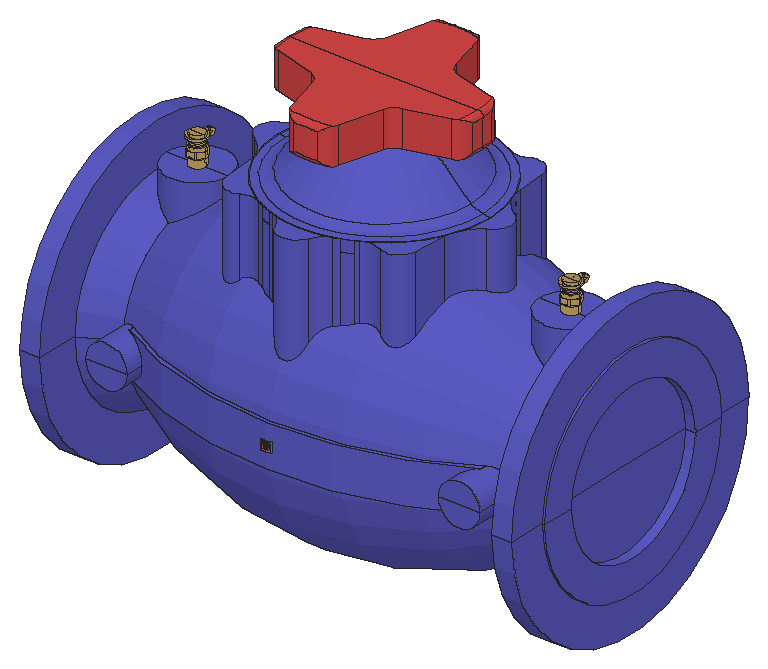
Revit family "Strangregulierventil für Differenzdruckmessung, Geradsitzform 4218 GMF", category Rohrzubehör, Revit 2019
Family settings
  Bemaßung runder Anschluss = Durchmesser verwenden
  Teiletyp = Unterbricht
  OmniClass-Nummer = 23.65.55.14
  OmniClass-Titel = Valves for Liquid Services
  Arbeitsebenenbasiert = Nein
  Immer vertikal = Ja
  Beim Laden mit Abzugskörper schneiden = Nein
  Gemeinsam genutzt = Nein
Parameters
  kvs-Wert [instance] = if(Nennweite = 25.00 mm, 11.53, if(Nennweite = 32.00 mm, 16.6, if(Nennweite = 40.00 mm, 28.6, if(Nennweite = 50.00 mm, 37.84, if(Nennweite = 65.00 mm, 60.3, if(Nennweite = 80.00 mm, 67.8, if(Nennweite = 100.00 mm, 99.55, if(Nennweite = 125.00 mm, 186.58, if(Nennweite = 150.00 mm, 279.05, 0)))))))))  # 279.05
  W02 = 60.00°  # constant formula
  W01 [instance] = if(Nennweite = 25.00 mm, 10.00°, if(Nennweite = 32.00 mm, 10.00°, if(Nennweite = 40.00 mm, 15.00°, if(Nennweite = 50.00 mm, 10.00°, if(Nennweite = 65.00 mm, 25.00°, if(Nennweite = 80.00 mm, 25.00°, 0.80°))))))  # 0.80°
  Ventiloberteil (bis DN100) = "Messing"  # constant formula
  Ventiloberteil (ab DN125) = "Grauguss"  # constant formula
  Ventilgehäuse = "Grauguss GJL 250 nach EN 1561"  # constant formula
  URL = "www.herz-armaturen.at"
  SCRNSEQ = "ARM;ARM_TYP=\"STRV\";2"
  SCRNCODE = "05;07;02"  # constant formula
  S01 [instance] = Nennweite + 10.00 mm  # 160.00 mm
  R02 [instance] = size_lookup("4218_GMF_", "R2", 1.00 mm, Nennweite)  # 30.00 mm
  R01 [instance] = size_lookup("4218_GMF_", "R1", 1.00 mm, Nennweite)  # 20.00 mm
  O-Ringe = "EPDM"  # constant formula
  Nennweite [instance] = 150.00 mm
  Medium = "Heizwasserqualität entsprechend ÖNORM H 5195 bzw. VDI Richtlinie 2035.\r\nEthylen und Propylenglykol können in einem Verhältnis von 25-50 vol. [%] gemischt werden."
  Max. Betriebstemperatur (bis DN32) = 130 °C  # constant formula
  Max. Betriebstemperatur (ab DN40) = 110 °C  # constant formula
  Max. Betriebsdruck = 1600000.0 Pa  # constant formula
  L03 [instance] = size_lookup("4218_GMF_", "L3", 1.00 mm, Nennweite)  # 180.00 mm
  L02 [instance] = size_lookup("4218_GMF_", "L2", 1.00 mm, Nennweite)  # 170.00 mm
  L01 [instance] = size_lookup("4218_GMF_", "L1", 1.00 mm, Nennweite)  # 185.00 mm
  L00 [instance] = size_lookup("4218_GMF_", "L", 1.00 mm, Nennweite)  # 480.00 mm
  Hersteller = "HERZ Armaturen Ges.m.b.H."  # constant formula
  H08 [instance] = H02 + H04  # 238.50 mm
  H07 = 10.00 mm  # constant formula
  H06 [instance] = size_lookup("4218_GMF_", "H6", 1.00 mm, Nennweite)  # 56.00 mm
  H05 [instance] = size_lookup("4218_GMF_", "H5", 1.00 mm, Nennweite)  # 11.00 mm
  H04 [instance] = size_lookup("4218_GMF_", "H4", 1.00 mm, Nennweite)  # 78.50 mm
  H03 [instance] = size_lookup("4218_GMF_", "H3", 1.00 mm, Nennweite)  # 118.00 mm
  H02N [instance] = H02 + 11.00 mm  # 171.00 mm
  H02 [instance] = size_lookup("4218_GMF_", "H2", 1.00 mm, Nennweite)  # 160.00 mm
  H01 [instance] = size_lookup("4218_GMF_", "H1", 1.00 mm, Nennweite)  # 122.00 mm
  GT = 10.00 mm  # constant formula
  FLL02 [instance] = size_lookup("4218_GMF_", "FLL2", 1.00 mm, Nennweite)  # 19.00 mm
  FLL01 [instance] = size_lookup("4218_GMF_", "FLL1", 1.00 mm, Nennweite)  # 3.00 mm
  FLD03 [instance] = size_lookup("4218_GMF_", "FLD3", 1.00 mm, Nennweite)  # 84.20 mm
  FLD02 [instance] = size_lookup("4218_GMF_", "FLD2", 1.00 mm, Nennweite)  # 101.00 mm
  FLD01 [instance] = size_lookup("4218_GMF_", "FLD1", 1.00 mm, Nennweite)  # 106.00 mm
  FLD00 [instance] = size_lookup("4218_GMF_", "FLD", 1.00 mm, Nennweite)  # 142.50 mm
  Differenzdruckmessnung = "Das STRÖMAX-GMF Strangregulierventil ist mit zwei Schnellmessventilen ausgestattet:\r\nBei Verwendung eines geeigneten Messgerätes kann der Differenzdruck gemessen und dadurch die jeweilige Durchflussmenge in Abhängigkeit der Einstellstufe ermittelt werden.\r\nAn den HERZ-Messcomputern ist außerdem direkt die jeweilige Durchflussmenge ablesbar (siehe Gerätehandbuch)."
  DN80 [instance] = Nennweite = 80.00 mm  # no
  DN65 [instance] = Nennweite = 65.00 mm  # no
  DN50-DN80 [instance] = or(Nennweite = 50.00 mm, Nennweite = 65.00 mm, Nennweite = 80.00 mm)  # no
  DN50 [instance] = Nennweite = 50.00 mm  # no
  DN40 [instance] = Nennweite = 40.00 mm  # no
  DN32 [instance] = Nennweite = 32.00 mm  # no
  DN25-DN40 [instance] = or(Nennweite = 25.00 mm, Nennweite = 32.00 mm, Nennweite = 40.00 mm)  # no
  DN25 [instance] = Nennweite = 25.00 mm  # no
  DN150 [instance] = Nennweite = 150.00 mm  # yes
  DN125 [instance] = Nennweite = 125.00 mm  # no
  DN100-DN125 [instance] = or(Nennweite = 100.00 mm, Nennweite = 125.00 mm, Nennweite = 150.00 mm)  # yes
  DN100 [instance] = Nennweite = 100.00 mm  # no
  D04 [instance] = size_lookup("4218_GMF_", "D4", 1.00 mm, Nennweite)  # 15.00 mm
  D03 [instance] = size_lookup("4218_GMF_", "D3", 1.00 mm, Nennweite)  # 16.00 mm
  D02 [instance] = size_lookup("4218_GMF_", "D2", 1.00 mm, Nennweite)  # 17.00 mm
  D01 [instance] = size_lookup("4218_GMF_", "D1", 1.00 mm, Nennweite)  # 102.50 mm
  D00 [instance] = size_lookup("4218_GMF_", "D", 1.00 mm, Nennweite)  # 140.00 mm
  Bestellnummer [instance] = size_lookup("4218_GMF_", "Artnr", 0, Nennweite)  # 1421851
  BH02 [instance] = -BH01  # -20.00 mm
  BH01 [instance] = if(Nennweite = 25.00 mm, 12.00 mm, if(Nennweite = 32.00 mm, 12.50 mm, if(Nennweite = 40.00 mm, 12.50 mm, if(Nennweite = 50.00 mm, 12.50 mm, if(Nennweite = 65.00 mm, 15.00 mm, if(Nennweite = 80.00 mm, 16.00 mm, if(Nennweite = 100.00 mm, 17.50 mm, if(Nennweite = 125.00 mm, 17.50 mm, if(Nennweite = 150.00 mm, 20.00 mm, 1.00 mm)))))))))  # 20.00 mm
  Ausführung = "Geradsitzform, Gehäuse Grauguss GJL 250 nach EN 1561, Flansche nach EN 1092, PN 16; blau lackiert.\r\nMessing Oberteil bis DN 100 geschraubt, ab DN 125 Ventiloberteil Grauguss mit nicht steigender Spindel, Spindelabdichtung durch Doppel-O-Ring.\r\nVoreinstellung durch Hubbegrenzung mittels Innenspindel, digitale Anzeige der Voreinstellstufe im Handradfenster.\r\nZwei Schnellmessventile sind neben dem Handrad montiert."
  Anwendungen = "Zum hydraulischen Abgleich in Heiz- oder Kühlanlagen, Einregulieren und Absperren von Verteilleitungen, Strängen, Wärmetauschern, Heiz- und Kühlregistern."
  Anschluss [instance] = Nennweite / 2  # 75.00 mm
Reference planes
  plane 1 "Mitte (Vorne/hinten)": y = 0
  plane 2: z = 0
  plane 3 "Mitte (Links/rechts)": x = 0
Forms (mm)
  Revolve 1, solid, material "Herz-Marineblau", detail levels fine
    sketch origin (1058.943, 0, 0) x (1, 0, 0) y (0, 1, 0)
      loop
        line (-1295.943, 142.5) -> (-1295.943, 106) -> (-1298.943, 106) -> (-1298.943, 75) -> (-1288.943, 75) -> (-1288.943, 0) -> (-828.943, 0) -> (-828.943, 75) -> (-818.943, 75) -> (-818.943, 106) -> (-821.943, 106) -> (-821.943, 142.5) -> (-840.943, 142.5) -> (-840.943, 101) -> (-873.943, 84.2)
        arc (-873.943, 84.2) -> (-1058.943, 140) -> (-1243.943, 84.2) r 334.576
        line (-1243.943, 84.2) -> (-1276.943, 101) -> (-1276.943, 142.5) -> (-1295.943, 142.5)
      axis (-1298.943, 0) -> (-818.943, 0)
    angle from 0 to 360
  Revolve 2, solid, material "Herz-Marineblau", detail levels fine
    sketch origin (0, 0, 0) x (1, 0, 0) y (0, 1, 0)
      loop
        line (-170, 122) -> (-190, 122) -> (-190, -122) -> (-170, -122) -> (-170, 122)
      axis (-170, 122) -> (-170, -122)
    angle from 0 to 360
  Revolve 3, solid, material "Herz-Marineblau", detail levels fine
    sketch origin (0, 0, 0) x (-1, 0, 0) y (0, 1, 0)
      loop
        line (-170, 122) -> (-190, 122) -> (-190, -122) -> (-170, -122) -> (-170, 122)
      axis (-170, 122) -> (-170, -122)
    angle from 0 to 360
  Revolve 4, solid, material "Herz-Marineblau", detail levels fine
    sketch origin (0, 0, 0) x (1, 0, 0) y (0, 0, 1)
      loop
        line (0, 0) -> (0, 160) -> (-102.5, 160) -> (-102.5, 0) -> (0, 0)
      axis (0, 160) -> (0, 0)
    angle from 0 to 360
  Revolve 5, solid, material "Herz-Marineblau", detail levels fine
    sketch origin (0, 0, 0) x (1, 0, 0) y (0, 0, 1)
      loop
        line (-178.413, 4.322) -> (-148.416, 4.741) -> (-150.003, 118.419) -> (-180, 118) -> (-178.413, 4.322)
      axis (-180, 118) -> (-178.413, 4.322)
    angle from 0 to 360
  Revolve 6, solid, material "Herz-Marineblau", detail levels fine
    sketch origin (0, 0, 0) x (-1, 0, 0) y (0, 0, 1)
      loop
        line (-178.413, 4.322) -> (-148.416, 4.741) -> (-150.003, 118.419) -> (-180, 118) -> (-178.413, 4.322)
      axis (-180, 118) -> (-178.413, 4.322)
    angle from 0 to 360
  Extrusion 7, solid, material "Herz-Marineblau", visible <- "DN25", detail levels fine
    sketch origin (0, 0, 0) x (1, 0, 0) y (0, 1, 0)
      loop
        line (-40, 18.232) -> (-40, -18.232)
        arc (-40, -18.232) -> (0, -31) -> (40, -18.232) r 69.038
        line (40, -18.232) -> (40, 18.232)
        arc (40, 18.232) -> (0, 31) -> (-40, 18.232) r 69.038
    from -20 <- "BH02" to 20 <- "BH01"
  Extrusion 8, solid, material "Herz-Marineblau", visible <- "DN32", detail levels fine
    sketch origin (0, 0, 0) x (1, 0, 0) y (0, 1, 0)
      loop
        line (-50, 21.35) -> (-50, -21.35)
        arc (-50, -21.35) -> (0, -37) -> (50, -21.35) r 87.698
        line (50, -21.35) -> (50, 21.35)
        arc (50, 21.35) -> (0, 37) -> (-50, 21.35) r 87.698
    from -20 <- "BH02" to 20 <- "BH01"
  Extrusion 9, solid, material "Herz-Marineblau", visible <- "DN40", detail levels fine
    sketch origin (0, 0, 0) x (1, 0, 0) y (0, 1, 0)
      loop
        arc (-60, -22.89) -> (0, -39) -> (60, -22.89) r 119.787
        line (60, -22.89) -> (60, 22.89)
        arc (60, 22.89) -> (0, 39) -> (-60, 22.89) r 119.787
        line (-60, 22.89) -> (-60, -22.89)
    from -20 <- "BH02" to 20 <- "BH01"
  Extrusion 10, solid, material "Herz-Marineblau", visible <- "DN50", detail levels fine
    sketch origin (0, 0, 0) x (1, 0, 0) y (0, 1, 0)
      loop
        line (70, -31.244) -> (70, 31.244)
        arc (70, 31.244) -> (0, 44) -> (-70, 31.244) r 198.442
        line (-70, 31.244) -> (-70, -31.244)
        arc (-70, -31.244) -> (0, -44) -> (70, -31.244) r 198.442
    from -20 <- "BH02" to 20 <- "BH01"
  Extrusion 11, solid, material "Herz-Marineblau", visible <- "DN65", detail levels fine
    sketch origin (0, 0, 0) x (1, 0, 0) y (0, 1, 0)
      loop
        line (-89, 42.065) -> (-89, -42.065)
        arc (-89, -42.065) -> (0, -53) -> (89, -42.065) r 367.662
        line (89, -42.065) -> (89, 42.065)
        arc (89, 42.065) -> (0, 53) -> (-89, 42.065) r 367.662
    from -20 <- "BH02" to 20 <- "BH01"
  Extrusion 12, solid, material "Herz-Marineblau", visible <- "DN80", detail levels fine
    sketch origin (0, 0, 0) x (1, 0, 0) y (0, 1, 0)
      loop
        arc (-100, -47.474) -> (0, -56.538) -> (100, -47.474) r 556.156
        line (100, -47.474) -> (100, 47.474)
        arc (100, 47.474) -> (0, 56.538) -> (-100, 47.474) r 556.156
        line (-100, 47.474) -> (-100, -47.474)
    from -20 <- "BH02" to 20 <- "BH01"
  Extrusion 13, solid, material "Herz-Marineblau", visible <- "DN100", detail levels fine
    sketch origin (0, 0, 0) x (1, 0, 0) y (0, 1, 0)
      loop
        line (-118, 61.457) -> (-118, -61.457)
        arc (-118, -61.457) -> (0, -84.506) -> (118, -61.457) r 313.571
        line (118, -61.457) -> (118, 61.457)
        arc (118, 61.457) -> (0, 84.506) -> (-118, 61.457) r 313.571
    from -20 <- "BH02" to 20 <- "BH01"
  Extrusion 14, solid, material "Herz-Marineblau", visible <- "DN125", detail levels fine
    sketch origin (0, 0, 0) x (1, 0, 0) y (0, 1, 0)
      loop
        line (-140, 76.087) -> (-140, -76.087)
        arc (-140, -76.087) -> (0, -121.009) -> (140, -76.087) r 240.621
        line (140, -76.087) -> (140, 76.087)
        arc (140, 76.087) -> (0, 121.009) -> (-140, 76.087) r 240.621
    from -20 <- "BH02" to 20 <- "BH01"
  Extrusion 15, solid, material "Herz-Marineblau", visible <- "DN150", detail levels fine
    sketch origin (0, 0, 0) x (1, 0, 0) y (0, 1, 0)
      loop
        arc (-170, -95.905) -> (0, -141.967) -> (170, -95.905) r 336.739
        line (170, -95.905) -> (170, 95.905)
        arc (170, 95.905) -> (0, 141.967) -> (-170, 95.905) r 336.739
        line (-170, 95.905) -> (-170, -95.905)
    from -20 <- "BH02" to 20 <- "BH01"
  Extrusion 16, solid, material "Herz-Marineblau", visible <- "DN125", detail levels fine
    sketch origin (0, 0, 0) x (1, 0, 0) y (0, 1, 0)
      loop
        arc (15.676, 98.149) -> (0, 109.5) -> (-15.676, 98.149) r 16.5
        arc (-15.676, 98.149) -> (-20.502, 90.282) -> (-28.346, 85.419) r 20
        arc (-28.346, 85.419) -> (-34.369, 83.168) -> (-40.215, 80.492) r 90
        arc (-40.215, 80.492) -> (-49.468, 78.32) -> (-58.678, 80.663) r 20
        arc (-58.678, 80.663) -> (-75.166, 79.318) -> (-82.2, 64.344) r 16.5
        line (-82.2, 64.344) -> (-85.23, 28.819)
        arc (-85.23, 28.819) -> (-90.21, 20.539) -> (-98.49, 15.56) r 20
        arc (-98.49, 15.56) -> (-109.5, 0) -> (-98.49, -15.56) r 16.5
        arc (-98.49, -15.56) -> (-90.21, -20.539) -> (-85.23, -28.819) r 20
        line (-85.23, -28.819) -> (-82.2, -64.344)
        arc (-82.2, -64.344) -> (-75.166, -79.318) -> (-58.678, -80.663) r 16.5
        arc (-58.678, -80.663) -> (-49.468, -78.32) -> (-40.215, -80.492) r 20
        arc (-40.215, -80.492) -> (-34.369, -83.168) -> (-28.346, -85.419) r 90
        arc (-28.346, -85.419) -> (-20.502, -90.282) -> (-15.676, -98.149) r 20
        arc (-15.676, -98.149) -> (0, -109.5) -> (15.676, -98.149) r 16.5
        arc (15.676, -98.149) -> (20.502, -90.282) -> (28.346, -85.419) r 20
        arc (28.346, -85.419) -> (34.369, -83.168) -> (40.215, -80.492) r 90
        arc (40.215, -80.492) -> (49.468, -78.32) -> (58.678, -80.663) r 20
        arc (58.678, -80.663) -> (75.166, -79.318) -> (82.2, -64.344) r 16.5
        line (82.2, -64.344) -> (85.23, -28.819)
        arc (85.23, -28.819) -> (90.21, -20.539) -> (98.49, -15.56) r 20
        arc (98.49, -15.56) -> (109.5, 0) -> (98.49, 15.56) r 16.5
        arc (98.49, 15.56) -> (90.21, 20.539) -> (85.23, 28.819) r 20
        line (85.23, 28.819) -> (82.2, 64.344)
        arc (82.2, 64.344) -> (75.166, 79.318) -> (58.678, 80.663) r 16.5
        arc (58.678, 80.663) -> (49.468, 78.32) -> (40.215, 80.492) r 20
        arc (40.215, 80.492) -> (34.369, 83.168) -> (28.346, 85.419) r 90
        arc (28.346, 85.419) -> (20.502, 90.282) -> (15.676, 98.149) r 20
    from 0 to 171 <- "H02N"
  Extrusion 17, solid, material "Herz-Marineblau", visible <- "DN150", detail levels fine
    sketch origin (0, 0, 0) x (1, 0, 0) y (0, 1, 0)
      loop
        arc (16.1, 110.958) -> (0, 122.5) -> (-16.1, 110.958) r 17
        arc (-16.1, 110.958) -> (-21.16, 102.981) -> (-29.318, 98.218) r 19.995
        arc (-29.318, 98.218) -> (-39.225, 94.698) -> (-48.72, 90.181) r 102.5
        arc (-48.72, 90.181) -> (-57.856, 87.781) -> (-67.075, 89.844) r 19.995
        arc (-67.075, 89.844) -> (-82.996, 89.381) -> (-91.547, 75.943) r 17
        line (-91.547, 75.943) -> (-94.4, 39.936)
        arc (-94.4, 39.936) -> (-101.42, 25.402) -> (-113.679, 14.903) r 39.4
        arc (-113.679, 14.903) -> (-122.5, 0) -> (-113.679, -14.903) r 17
        arc (-113.679, -14.903) -> (-101.42, -25.402) -> (-94.4, -39.936) r 39.4
        line (-94.4, -39.936) -> (-91.547, -75.943)
        arc (-91.547, -75.943) -> (-82.996, -89.381) -> (-67.075, -89.844) r 17
        arc (-67.075, -89.844) -> (-57.856, -87.781) -> (-48.72, -90.181) r 19.995
        arc (-48.72, -90.181) -> (-39.225, -94.698) -> (-29.318, -98.218) r 102.5
        arc (-29.318, -98.218) -> (-21.16, -102.981) -> (-16.1, -110.958) r 19.995
        arc (-16.1, -110.958) -> (0, -122.5) -> (16.1, -110.958) r 17
        arc (16.1, -110.958) -> (21.16, -102.981) -> (29.318, -98.218) r 19.995
        arc (29.318, -98.218) -> (39.225, -94.698) -> (48.72, -90.181) r 102.5
        arc (48.72, -90.181) -> (57.856, -87.781) -> (67.075, -89.844) r 19.995
        arc (67.075, -89.844) -> (82.996, -89.381) -> (91.547, -75.943) r 17
        line (91.547, -75.943) -> (93.96, -45.484)
        arc (93.96, -45.484) -> (99.132, -28.867) -> (110.958, -16.1) r 39.4
        arc (110.958, -16.1) -> (122.5, 0) -> (110.958, 16.1) r 17
        arc (110.958, 16.1) -> (99.132, 28.867) -> (93.96, 45.484) r 39.4
        line (93.96, 45.484) -> (91.547, 75.943)
        arc (91.547, 75.943) -> (82.996, 89.381) -> (67.075, 89.844) r 17
        arc (67.075, 89.844) -> (57.856, 87.781) -> (48.72, 90.181) r 19.995
        arc (48.72, 90.181) -> (39.225, 94.698) -> (29.318, 98.218) r 102.5
        arc (29.318, 98.218) -> (21.16, 102.981) -> (16.1, 110.958) r 19.995
    from 0 to 171 <- "H02N"
  Revolve 18, solid, material "Herz-Marineblau", detail levels fine
    sketch origin (0, 0, 0) x (1, 0, 0) y (0, 0, 1)
      loop
        line (0, 160) -> (0, 238.5) -> (-15, 238.5) -> (-15, 228.5) -> (-16, 228.5) -> (-16, 227) -> (-17, 227) -> (-17, 171) -> (-102.5, 171) -> (-102.5, 160) -> (0, 160)
      axis (0, 238.5) -> (0, 160)
    angle from 0 to 360
  Revolve 19, solid, material "Herz-Marineblau", visible <- "DN125", detail levels fine
    sketch origin (0, 0, 143) x (1, 0, 0) y (0, 0, 1)
      loop
        line (0, 0) -> (0, 62) -> (-15, 62) -> (-15, 52) -> (-21.8, 52)
        arc (-21.8, 52) -> (-23.44, 48.297) -> (-27.284, 47.023) r 5
        arc (-27.284, 47.023) -> (-30.294, 46.63) -> (-32.827, 44.959) r 6.752
        arc (-32.827, 44.959) -> (-52.854, 27.042) -> (-71.197, 7.406) r 300
        arc (-71.197, 7.406) -> (-77.249, 2.612) -> (-84.666, 0.467) r 20
        line (-84.666, 0.467) -> (-90, 0) -> (0, 0)
      axis (0, 62) -> (0, 0)
    angle from 0 to 360
  Revolve 20, solid, material "Herz-Marineblau", visible <- "DN150", detail levels fine
    sketch origin (0, 0, 171) x (1, 0, 0) y (0, 0, 1)
      loop
        line (0, 67.5) -> (-15, 67.5) -> (-15, 57.5) -> (-21.8, 57.5)
        arc (-21.8, 57.5) -> (-23.44, 53.797) -> (-27.284, 52.523) r 5
        arc (-27.284, 52.523) -> (-29.026, 52.21) -> (-30.549, 51.31) r 5
        arc (-30.549, 51.31) -> (-58.499, 29.932) -> (-83.754, 5.428) r 300
        arc (-83.754, 5.428) -> (-89.037, 2.148) -> (-95.072, 0.65) r 20
        line (-95.072, 0.65) -> (-102.5, 0) -> (0, 0) -> (0, 67.5)
      axis (0, 67.5) -> (0, 0)
    angle from 0 to 360
Lines and regions (mm)
  model lines, detail levels coarse+medium
    curve 1: line (-240, 0, 142.5) -> (-240, 0, -142.5)
    curve 2: line (-240, 0, -142.5) -> (240, 0, 142.5)
    curve 3: line (240, 0, 142.5) -> (240, 0, -142.5)
    curve 4: line (240, 0, -142.5) -> (-240, 0, 142.5)
    curve 5: line (0, 0, 0) -> (137.698, 0, 238.5)
    curve 6: line (68.416, 0, 278.5) -> (206.98, 0, 198.5)
    curve 7: line (-240, 142.5, 0) -> (-240, -142.5, 0)
    curve 8: line (-240, -142.5, 0) -> (240, 142.5, 0)
    curve 9: line (240, 142.5, 0) -> (240, -142.5, 0)
    curve 10: line (240, -142.5, 0) -> (-240, 142.5, 0)
    curve 11: line (0, 0, 0) -> (137.698, 238.5, 0)
    curve 12: line (68.416, 278.5, 0) -> (206.98, 198.5, 0)
Dimensions and locks
  "FLD00": plane 1 "Mitte (Vorne/hinten)" to Revolve 1 sketch curve
  "FLD01": plane 1 "Mitte (Vorne/hinten)" to Revolve 1 sketch curve
  "FLD02": plane 1 "Mitte (Vorne/hinten)" to Revolve 1 sketch curve  (x2)
  "FLD03": plane 1 "Mitte (Vorne/hinten)" to Revolve 1 sketch curve  (x2)
  "GT": Revolve 1 sketch curve to Revolve 1 sketch curve  (x2)
  "FLL01": Revolve 1 sketch curve to Revolve 1 sketch curve  (x2)
  "FLL02": Revolve 1 sketch curve to Revolve 1 sketch curve  (x2)
  equal spacing: Revolve 1 sketch curve, plane 3 "Mitte (Links/rechts)", Revolve 1 sketch curve
  "Anschluss": Revolve 1 sketch curve to plane 1 "Mitte (Vorne/hinten)"
  "Anschluss": plane 1 "Mitte (Vorne/hinten)" to Revolve 1 sketch curve
  "FLD01": Revolve 1 sketch curve to plane 1 "Mitte (Vorne/hinten)"
  "FLD00": Revolve 1 sketch curve to plane 1 "Mitte (Vorne/hinten)"
  "L00": Revolve 1 sketch curve to Revolve 1 sketch curve
  "D00": plane 1 "Mitte (Vorne/hinten)" to Revolve 1 sketch curve
  "L01": Revolve 1 sketch curve to plane 3 "Mitte (Links/rechts)" to Revolve 1 sketch curve
  "L02": Revolve 2 sketch curve to plane 3 "Mitte (Links/rechts)"
  "R01": Revolve 2 sketch curve to Revolve 2 sketch curve
  "H01": Revolve 2 sketch curve to plane 1 "Mitte (Vorne/hinten)" to Revolve 2 sketch curve
  "L02": plane 3 "Mitte (Links/rechts)" to Revolve 3 sketch curve
  "R01": Revolve 3 sketch curve to Revolve 3 sketch curve
  "H01": Revolve 3 sketch curve to plane 1 "Mitte (Vorne/hinten)" to Revolve 3 sketch curve
  "D01": plane 3 "Mitte (Links/rechts)" to Revolve 4 sketch curve
  "H02": Revolve 4 sketch curve to plane 2
  "H03": Revolve 5 sketch curve to plane 2  (x2)
  "R02": Revolve 5 sketch curve to Revolve 5 sketch curve
  "L03": plane 3 "Mitte (Links/rechts)" to Revolve 5 sketch curve  (x2)
  "R02": Revolve 6 sketch curve to Revolve 6 sketch curve
  "L03": Revolve 6 sketch curve to plane 3 "Mitte (Links/rechts)"  (x2)
  "H03": Revolve 6 sketch curve to plane 2  (x2)
  "D01": plane 3 "Mitte (Links/rechts)" to Revolve 18 sketch curve
  "D02": plane 3 "Mitte (Links/rechts)" to Revolve 18 sketch curve
  "D03": plane 3 "Mitte (Links/rechts)" to Revolve 18 sketch curve
  "D04": plane 3 "Mitte (Links/rechts)" to Revolve 18 sketch curve
  "H02": Revolve 18 sketch curve to plane 2
  "H04": Revolve 18 sketch curve to Revolve 18 sketch curve
  "H05": Revolve 18 sketch curve to Revolve 18 sketch curve
  "H06": Revolve 18 sketch curve to Revolve 18 sketch curve
  "H07": Revolve 18 sketch curve to Revolve 18 sketch curve
  "H08": nested 28 to plane 2
  "H08": nested 29 to plane 2
  "H08": nested 30 to plane 2
  "FLD00": curve 4 to plane 2 to curve 2
  "FLD00": curve 3 to plane 2 to curve 4
  equal spacing: curve 1, plane 3 "Mitte (Links/rechts)", curve 3
  "L00": curve 1 to curve 3
  equal spacing: curve 1, curve 5, curve 3
  "H08": curve 5 to plane 2
  equal spacing: curve 6, curve 5, curve 6
  "S01": curve 6 to curve 6
  "FLD00": curve 8 to plane 1 "Mitte (Vorne/hinten)" to curve 10
  "FLD00": curve 10 to plane 1 "Mitte (Vorne/hinten)" to curve 9
  equal spacing: curve 7, plane 3 "Mitte (Links/rechts)", curve 9
  "L00": curve 7 to curve 9
  equal spacing: curve 7, curve 11, curve 9
  "H08": plane 1 "Mitte (Vorne/hinten)" to curve 11
  equal spacing: curve 12, curve 11, curve 12
  "S01": curve 12 to curve 12
  "W01": angle plane 3 "Mitte (Links/rechts)" to Revolve 5 sketch curve  (x2)
  "W01": angle Revolve 6 sketch curve to plane 3 "Mitte (Links/rechts)"  (x2)
  "W02": angle plane 2 to curve 5
  "W02": angle plane 1 "Mitte (Vorne/hinten)" to curve 11
  aligned and locked: level to plane 2
Automatic sketch dimensions
  Extrusion 7 sketch curve to plane 3 "Mitte (Links/rechts)" = 0.00 mm  (x2)
  Extrusion 7 sketch curve to plane 1 "Mitte (Vorne/hinten)" = 18.232 mm  (x2)
  Extrusion 7 sketch curve to plane 3 "Mitte (Links/rechts)" = 40.00 mm
  plane 1 "Mitte (Vorne/hinten)" to Extrusion 7 sketch curve = 18.232 mm
  plane 1 "Mitte (Vorne/hinten)" to Extrusion 7 sketch curve = 38.038 mm
  Extrusion 7 sketch curve to plane 1 "Mitte (Vorne/hinten)" = 38.038 mm
  Extrusion 8 sketch curve to plane 3 "Mitte (Links/rechts)" = 0.00 mm  (x2)
  plane 1 "Mitte (Vorne/hinten)" to Extrusion 8 sketch curve = 21.35 mm  (x2)
  Extrusion 8 sketch curve to plane 3 "Mitte (Links/rechts)" = 50.00 mm
  plane 1 "Mitte (Vorne/hinten)" to Extrusion 8 sketch curve = 50.698 mm
  Extrusion 8 sketch curve to plane 1 "Mitte (Vorne/hinten)" = 21.35 mm
  Extrusion 8 sketch curve to plane 1 "Mitte (Vorne/hinten)" = 50.698 mm
  Extrusion 9 sketch curve to plane 3 "Mitte (Links/rechts)" = 0.00 mm  (x2)
  Extrusion 9 sketch curve to plane 1 "Mitte (Vorne/hinten)" = 22.89 mm  (x2)
  Extrusion 9 sketch curve to plane 3 "Mitte (Links/rechts)" = 60.00 mm
  plane 1 "Mitte (Vorne/hinten)" to Extrusion 9 sketch curve = 22.89 mm
  plane 1 "Mitte (Vorne/hinten)" to Extrusion 9 sketch curve = 80.787 mm
  Extrusion 9 sketch curve to plane 1 "Mitte (Vorne/hinten)" = 80.787 mm
  Extrusion 10 sketch curve to plane 3 "Mitte (Links/rechts)" = 0.00 mm  (x2)
  plane 1 "Mitte (Vorne/hinten)" to Extrusion 10 sketch curve = 31.244 mm  (x2)
  Extrusion 10 sketch curve to plane 3 "Mitte (Links/rechts)" = 70.00 mm
  Extrusion 10 sketch curve to Extrusion 10 sketch curve = 123.198 mm  (x2)
  Extrusion 10 sketch curve to plane 1 "Mitte (Vorne/hinten)" = 31.244 mm
  Extrusion 11 sketch curve to plane 3 "Mitte (Links/rechts)" = 0.00 mm  (x2)
  plane 1 "Mitte (Vorne/hinten)" to Extrusion 11 sketch curve = 42.065 mm  (x2)
  Extrusion 11 sketch curve to plane 3 "Mitte (Links/rechts)" = 89.00 mm
  Extrusion 11 sketch curve to Extrusion 11 sketch curve = 272.597 mm  (x2)
  Extrusion 11 sketch curve to plane 1 "Mitte (Vorne/hinten)" = 42.065 mm
  Extrusion 12 sketch curve to plane 3 "Mitte (Links/rechts)" = 0.00 mm  (x2)
  Extrusion 12 sketch curve to plane 1 "Mitte (Vorne/hinten)" = 47.474 mm
  Extrusion 12 sketch curve to plane 3 "Mitte (Links/rechts)" = 100.00 mm
  plane 1 "Mitte (Vorne/hinten)" to Extrusion 12 sketch curve = 47.474 mm
  plane 3 "Mitte (Links/rechts)" to Extrusion 12 sketch curve = 100.00 mm
  Extrusion 12 sketch curve to Extrusion 12 sketch curve = 452.143 mm  (x2)
  Extrusion 13 sketch curve to plane 3 "Mitte (Links/rechts)" = 0.00 mm  (x2)
  plane 1 "Mitte (Vorne/hinten)" to Extrusion 13 sketch curve = 61.457 mm  (x2)
  Extrusion 13 sketch curve to plane 3 "Mitte (Links/rechts)" = 118.00 mm
  Extrusion 13 sketch curve to Extrusion 13 sketch curve = 167.608 mm  (x2)
  Extrusion 13 sketch curve to plane 1 "Mitte (Vorne/hinten)" = 61.457 mm
  Extrusion 14 sketch curve to plane 3 "Mitte (Links/rechts)" = 0.00 mm  (x2)
  plane 1 "Mitte (Vorne/hinten)" to Extrusion 14 sketch curve = 76.087 mm  (x2)
  Extrusion 14 sketch curve to plane 3 "Mitte (Links/rechts)" = 140.00 mm
  plane 1 "Mitte (Vorne/hinten)" to Extrusion 14 sketch curve = 119.612 mm
  Extrusion 14 sketch curve to plane 1 "Mitte (Vorne/hinten)" = 76.087 mm
  Extrusion 14 sketch curve to plane 1 "Mitte (Vorne/hinten)" = 119.612 mm
  Extrusion 15 sketch curve to plane 3 "Mitte (Links/rechts)" = 0.00 mm  (x2)
  Extrusion 15 sketch curve to plane 1 "Mitte (Vorne/hinten)" = 95.905 mm  (x2)
  Extrusion 15 sketch curve to plane 3 "Mitte (Links/rechts)" = 170.00 mm
  plane 1 "Mitte (Vorne/hinten)" to Extrusion 15 sketch curve = 95.905 mm
  plane 1 "Mitte (Vorne/hinten)" to Extrusion 15 sketch curve = 194.771 mm
  Extrusion 15 sketch curve to plane 1 "Mitte (Vorne/hinten)" = 194.771 mm
  plane 1 "Mitte (Vorne/hinten)" to Extrusion 16 sketch curve = 0.00 mm  (x2)
  Extrusion 16 sketch curve to plane 3 "Mitte (Links/rechts)" = 0.00 mm  (x2)
  plane 1 "Mitte (Vorne/hinten)" to Extrusion 16 sketch curve = 0.047 mm  (x2)
  Extrusion 16 sketch curve to plane 3 "Mitte (Links/rechts)" = 0.141 mm
  Extrusion 16 sketch curve to plane 1 "Mitte (Vorne/hinten)" = 0.047 mm  (x2)
  Extrusion 16 sketch curve to Extrusion 16 sketch curve = 0.00 mm  (x10)
  Extrusion 16 sketch curve to plane 3 "Mitte (Links/rechts)" = 34.677 mm  (x2)
  Extrusion 16 sketch curve to Extrusion 16 sketch curve = 14.605 mm  (x4)
  Extrusion 16 sketch curve to Extrusion 16 sketch curve = 16.479 mm  (x4)
  Extrusion 16 sketch curve to Extrusion 16 sketch curve = 16.439 mm  (x4)
  Extrusion 16 sketch curve to Extrusion 16 sketch curve = 3.03 mm  (x4)
  plane 1 "Mitte (Vorne/hinten)" to Extrusion 16 sketch curve = 28.819 mm  (x2)
  Extrusion 16 sketch curve to Extrusion 16 sketch curve = 7.77 mm  (x2)
  Extrusion 16 sketch curve to Extrusion 16 sketch curve = 19.122 mm  (x4)
  plane 3 "Mitte (Links/rechts)" to Extrusion 16 sketch curve = 0.141 mm
  plane 3 "Mitte (Links/rechts)" to Extrusion 16 sketch curve = 34.677 mm  (x2)
  Extrusion 16 sketch curve to Extrusion 16 sketch curve = 5.862 mm  (x4)
  Extrusion 16 sketch curve to Extrusion 16 sketch curve = 35.525 mm  (x4)
  Extrusion 16 sketch curve to Extrusion 16 sketch curve = 1.417 mm  (x4)
  Extrusion 16 sketch curve to Extrusion 16 sketch curve = 27.239 mm  (x2)
  Extrusion 16 sketch curve to Extrusion 16 sketch curve = 32.558 mm  (x4)
  Extrusion 16 sketch curve to Extrusion 16 sketch curve = 6.072 mm  (x4)
  Extrusion 16 sketch curve to plane 1 "Mitte (Vorne/hinten)" = 28.819 mm  (x2)
  Extrusion 16 sketch curve to plane 3 "Mitte (Links/rechts)" = 15.676 mm  (x2)
  Extrusion 16 sketch curve to Extrusion 16 sketch curve = 11.869 mm  (x4)
  Extrusion 16 sketch curve to plane 1 "Mitte (Vorne/hinten)" = 15.56 mm
  plane 1 "Mitte (Vorne/hinten)" to Extrusion 16 sketch curve = 15.56 mm
  Extrusion 17 sketch curve to Extrusion 17 sketch curve = 0.00 mm  (x25)
  plane 1 "Mitte (Vorne/hinten)" to Extrusion 17 sketch curve = 0.00 mm  (x3)
  Extrusion 17 sketch curve to plane 3 "Mitte (Links/rechts)" = 0.00 mm  (x3)
  Extrusion 17 sketch curve to plane 3 "Mitte (Links/rechts)" = 35.037 mm  (x2)
  Extrusion 17 sketch curve to Extrusion 17 sketch curve = 23.187 mm  (x4)
  Extrusion 17 sketch curve to Extrusion 17 sketch curve = 16.376 mm  (x4)
  Extrusion 17 sketch curve to Extrusion 17 sketch curve = 16.947 mm  (x4)
  Extrusion 17 sketch curve to plane 1 "Mitte (Vorne/hinten)" = 39.936 mm
  Extrusion 17 sketch curve to Extrusion 17 sketch curve = 2.853 mm  (x2)
  plane 1 "Mitte (Vorne/hinten)" to Extrusion 17 sketch curve = 39.936 mm
  Extrusion 17 sketch curve to Extrusion 17 sketch curve = 11.10 mm
  Extrusion 17 sketch curve to Extrusion 17 sketch curve = 38.236 mm  (x2)
  plane 3 "Mitte (Links/rechts)" to Extrusion 17 sketch curve = 35.037 mm  (x2)
  plane 1 "Mitte (Vorne/hinten)" to Extrusion 17 sketch curve = 45.484 mm
  Extrusion 17 sketch curve to Extrusion 17 sketch curve = 2.414 mm  (x2)
  Extrusion 17 sketch curve to plane 1 "Mitte (Vorne/hinten)" = 45.484 mm
  Extrusion 17 sketch curve to Extrusion 17 sketch curve = 11.54 mm
  Extrusion 17 sketch curve to Extrusion 17 sketch curve = 39.277 mm  (x2)
  Extrusion 17 sketch curve to Extrusion 17 sketch curve = 3.113 mm  (x2)
  Extrusion 17 sketch curve to Extrusion 17 sketch curve = 9.507 mm  (x2)
  Extrusion 17 sketch curve to Extrusion 17 sketch curve = 29.116 mm  (x2)
  Extrusion 17 sketch curve to Extrusion 17 sketch curve = 34.664 mm  (x2)
  Extrusion 17 sketch curve to Extrusion 17 sketch curve = 1.343 mm  (x4)
  Extrusion 17 sketch curve to Extrusion 17 sketch curve = 30.90 mm  (x2)
  Extrusion 17 sketch curve to Extrusion 17 sketch curve = 33.174 mm  (x4)
  Extrusion 17 sketch curve to Extrusion 17 sketch curve = 9.604 mm  (x4)
  Extrusion 17 sketch curve to plane 3 "Mitte (Links/rechts)" = 16.10 mm  (x2)
  plane 1 "Mitte (Vorne/hinten)" to Extrusion 17 sketch curve = 16.10 mm
  Revolve 19 sketch curve to plane 3 "Mitte (Links/rechts)" = 0.00 mm  (x2)
  Revolve 19 sketch curve to Revolve 19 sketch curve = 15.00 mm
  Revolve 19 sketch curve to Revolve 19 sketch curve = 6.80 mm
  Revolve 19 sketch curve to Revolve 19 sketch curve = 5.00 mm
  Revolve 19 sketch curve to Revolve 19 sketch curve = 1.137 mm
  Revolve 19 sketch curve to Revolve 19 sketch curve = 56.729 mm
  Revolve 19 sketch curve to Revolve 19 sketch curve = 1.743 mm
  Revolve 19 sketch curve to Revolve 19 sketch curve = 5.334 mm
  Revolve 19 sketch curve to level = 44.36 mm
  plane 3 "Mitte (Links/rechts)" to Revolve 19 sketch curve = 156.983 mm
  level to Revolve 19 sketch curve = 143.00 mm
  Revolve 19 sketch curve to Revolve 19 sketch curve = 0.467 mm
  Revolve 19 sketch curve to Revolve 19 sketch curve = 19.924 mm
  Revolve 19 sketch curve to Revolve 19 sketch curve = 40.303 mm
  Revolve 19 sketch curve to Revolve 19 sketch curve = 11.697 mm
  Revolve 19 sketch curve to Revolve 19 sketch curve = 10.00 mm
  Revolve 19 sketch curve to Revolve 19 sketch curve = 0.00 mm
  Revolve 19 sketch curve to Revolve 19 sketch curve = 5.544 mm
  Revolve 19 sketch curve to level = 223.045 mm
  Revolve 19 sketch curve to Revolve 19 sketch curve = 2152.315 mm
  level to Revolve 20 sketch curve = 171.00 mm
  Revolve 20 sketch curve to plane 3 "Mitte (Links/rechts)" = 0.00 mm  (x2)
  Revolve 20 sketch curve to plane 3 "Mitte (Links/rechts)" = 15.00 mm
  Revolve 20 sketch curve to Revolve 20 sketch curve = 6.80 mm
  Revolve 20 sketch curve to Revolve 20 sketch curve = 5.00 mm
  Revolve 20 sketch curve to Revolve 20 sketch curve = 0.484 mm
  level to Revolve 20 sketch curve = 171.65 mm
  Revolve 20 sketch curve to Revolve 20 sketch curve = 67.788 mm
  Revolve 20 sketch curve to Revolve 20 sketch curve = 1.743 mm
  Revolve 20 sketch curve to Revolve 20 sketch curve = 7.428 mm
  plane 3 "Mitte (Links/rechts)" to Revolve 20 sketch curve = 137.422 mm
  Revolve 20 sketch curve to level = 26.257 mm
  Revolve 20 sketch curve to Revolve 20 sketch curve = 19.924 mm
  level to Revolve 20 sketch curve = 218.523 mm
  Revolve 20 sketch curve to Revolve 20 sketch curve = 9.977 mm
  Revolve 20 sketch curve to Revolve 20 sketch curve = 10.00 mm
  Revolve 20 sketch curve to Revolve 20 sketch curve = 3.265 mm
  Revolve 20 sketch curve to Revolve 20 sketch curve = 168.787 mm
  Revolve 20 sketch curve to Revolve 20 sketch curve = 2146.815 mm
  plane 1 "Mitte (Vorne/hinten)" to Revolve 1 sketch curve = 0.00 mm  (x2)
  Revolve 1 sketch curve to Revolve 1 sketch curve = 35.00 mm
  Revolve 1 sketch curve to Revolve 1 sketch curve = 40.00 mm
  Revolve 2 sketch curve to Revolve 2 sketch curve = 0.00 mm  (x3)
  Revolve 3 sketch curve to Revolve 3 sketch curve = 0.00 mm  (x3)
  Revolve 4 sketch curve to level = 0.00 mm
  Revolve 4 sketch curve to plane 3 "Mitte (Links/rechts)" = 0.00 mm  (x2)
  Revolve 4 sketch curve to Revolve 4 sketch curve = 366.045 mm
  Revolve 4 sketch curve to Revolve 4 sketch curve = 2169.315 mm
  level to Revolve 5 sketch curve = 4.322 mm
  Revolve 6 sketch curve to level = 4.322 mm
  Revolve 18 sketch curve to plane 3 "Mitte (Links/rechts)" = 0.00 mm  (x2)
  Revolve 18 sketch curve to level = 366.045 mm
  Revolve 18 sketch curve to Revolve 18 sketch curve = 2130.015 mm
Nested families
  nested 1: "Herz-Logo-vorne" at (0, -31, 0) x (0, 1, 0) z (0, 0, 1), visible <- "DN25", type "Herz-Logo-vorne", detail levels fine
  nested 2: "Herz-Logo-vorne" at (0, -36.982, 0) x (0, 1, 0) z (0, 0, 1), visible <- "DN32", type "Herz-Logo-vorne", detail levels fine
  nested 3: "Herz-Logo-vorne" at (0, -39, 0) x (0, 1, 0) z (0, 0, 1), visible <- "DN40", type "Herz-Logo-vorne", detail levels fine
  nested 4: "Herz-Logo-vorne" at (0, -44, 0) x (0, 1, 0) z (0, 0, 1), visible <- "DN50", type "Herz-Logo-vorne", detail levels fine
  nested 5: "Herz-Logo-vorne" at (0, -52.982, 0) x (0, 1, 0) z (0, 0, 1), visible <- "DN65", type "Herz-Logo-vorne", detail levels fine
  nested 6: "Herz-Logo-vorne" at (0, -56.521, 0) x (0, 1, 0) z (0, 0, 1), visible <- "DN80", type "Herz-Logo-vorne", detail levels fine
  nested 7: "Herz-Logo-vorne" at (0, -84.489, 0) x (0, 1, 0) z (0, 0, 1), visible <- "DN100", type "Herz-Logo-vorne", detail levels fine
  nested 8: "Herz-Logo-vorne" at (0, -120.991, 0) x (0, 1, 0) z (0, 0, 1), visible <- "DN125", type "Herz-Logo-vorne", detail levels fine
  nested 9: "Herz-Logo-vorne" at (0, -141.95, 0) x (0, 1, 0) z (0, 0, 1), visible <- "DN150", type "Herz-Logo-vorne", detail levels fine
  nested 10: "Messstutzen_Band_Austritt_senkrecht_(oben 10)" at (40.437, 0, 23.137), visible <- "DN25", type "Messstutzen_Band_Austritt_senkrecht_(oben 10)"
    with Schutzkappe yes, Nennweite 0.00 mm, Gewicht 0.00 kg, Bestellnummer 0
  nested 11: "Messstutzen_Band_Austritt_senkrecht_(oben 10)" at (46.437, 0, 23.137), visible <- "DN32", type "Messstutzen_Band_Austritt_senkrecht_(oben 10)"
    with Schutzkappe yes, Nennweite 0.00 mm, Gewicht 0.00 kg, Bestellnummer 0
  nested 12: "Messstutzen_Band_Austritt_senkrecht_(oben 15)" at (49.671, 0, 29.307), visible <- "DN40", type "Messstutzen_Band_Austritt_senkrecht_(oben 15)"
    with Schutzkappe yes, Nennweite 0.00 mm, Gewicht 0.00 kg, Bestellnummer 0
  nested 13: "Messstutzen_Band_Austritt_senkrecht_(oben 10)" at (63.437, 0, 39.137), visible <- "DN50", type "Messstutzen_Band_Austritt_senkrecht_(oben 10)"
    with Schutzkappe yes, Nennweite 0.00 mm, Gewicht 0.00 kg, Bestellnummer 0
  nested 14: "Messstutzen_Band_Austritt_senkrecht_(oben 25)" at (73.196, 0, 51.843), visible <- "DN65", type "Messstutzen_Band_Austritt_senkrecht_(oben 25)"
    with Schutzkappe yes, Nennweite 0.00 mm, Gewicht 0.00 kg, Bestellnummer 0
  nested 15: "Messstutzen_Band_Austritt_senkrecht_(oben 25)" at (81.196, 0, 56.843), visible <- "DN80", type "Messstutzen_Band_Austritt_senkrecht_(oben 25)"
    with Schutzkappe yes, Nennweite 0.00 mm, Gewicht 0.00 kg, Bestellnummer 0
  nested 16: "Messstutzen_Band_Austritt_senkrecht_(oben 0.8)" at (124.874, 0, 67.001), visible <- "DN100", type "Messstutzen_Band_Austritt_senkrecht_(oben 0.8)"
    with Schutzkappe yes, Nennweite 0.00 mm, Gewicht 0.00 kg, Bestellnummer 0
  nested 17: "Messstutzen_Band_Austritt_senkrecht_(oben 0.8)" at (153.874, 0, 91.001), visible <- "DN125", type "Messstutzen_Band_Austritt_senkrecht_(oben 0.8)"
    with Schutzkappe yes, Nennweite 0.00 mm, Gewicht 0.00 kg, Bestellnummer 0
  nested 18: "Messstutzen_Band_Austritt_senkrecht_(oben 0.8)" at (179.874, 0, 109.001), visible <- "DN150", type "Messstutzen_Band_Austritt_senkrecht_(oben 0.8)"
    with Schutzkappe yes, Nennweite 0.00 mm, Gewicht 0.00 kg, Bestellnummer 0
  nested 19: "Messstutzen_Band_Eintritt_senkrecht_(oben 10)" at (-40.437, 0, 23.137), visible <- "DN25", type "Messstutzen_Band_Eintritt_senkrecht_(oben 10)"
    with Schutzkappe yes, Nennweite 0.00 mm, Gewicht 0.00 kg, Bestellnummer 0
  nested 20: "Messstutzen_Band_Eintritt_senkrecht_(oben 10)" at (-46.437, 0, 23.137), visible <- "DN32", type "Messstutzen_Band_Eintritt_senkrecht_(oben 10)"
    with Schutzkappe yes, Nennweite 0.00 mm, Gewicht 0.00 kg, Bestellnummer 0
  nested 21: "Messstutzen_Band_Eintritt_senkrecht_(oben 15)" at (-49.671, 0, 29.307), visible <- "DN40", type "Messstutzen_Band_Eintritt_senkrecht_(oben 15)"
    with Schutzkappe yes, Nennweite 0.00 mm, Gewicht 0.00 kg, Bestellnummer 0
  nested 22: "Messstutzen_Band_Eintritt_senkrecht_(oben 10)" at (-63.437, 0, 39.137), visible <- "DN50", type "Messstutzen_Band_Eintritt_senkrecht_(oben 10)"
    with Schutzkappe yes, Nennweite 0.00 mm, Gewicht 0.00 kg, Bestellnummer 0
  nested 23: "Messstutzen_Band_Eintritt_senkrecht_(oben 25)" at (-73.196, 0, 51.843), visible <- "DN65", type "Messstutzen_Band_Eintritt_senkrecht_(oben 25)"
    with Schutzkappe yes, Nennweite 0.00 mm, Gewicht 0.00 kg, Bestellnummer 0
  nested 24: "Messstutzen_Band_Eintritt_senkrecht_(oben 25)" at (-81.196, 0, 56.843), visible <- "DN80", type "Messstutzen_Band_Eintritt_senkrecht_(oben 25)"
    with Schutzkappe yes, Nennweite 0.00 mm, Gewicht 0.00 kg, Bestellnummer 0
  nested 25: "Messstutzen_Band_Eintritt_senkrecht_(oben 0.8)" at (-124.874, 0, 67.001), visible <- "DN100", type "Messstutzen_Band_Eintritt_senkrecht_(oben 0.8)"
    with Schutzkappe yes, Nennweite 0.00 mm, Gewicht 0.00 kg, Bestellnummer 0
  nested 26: "Messstutzen_Band_Eintritt_senkrecht_(oben 0.8)" at (-153.874, 0, 91.001), visible <- "DN125", type "Messstutzen_Band_Eintritt_senkrecht_(oben 0.8)"
    with Schutzkappe yes, Nennweite 0.00 mm, Gewicht 0.00 kg, Bestellnummer 0
  nested 27: "Messstutzen_Band_Eintritt_senkrecht_(oben 0.8)" at (-179.874, 0, 109.001), visible <- "DN150", type "Messstutzen_Band_Eintritt_senkrecht_(oben 0.8)"
    with Schutzkappe yes, Nennweite 0.00 mm, Gewicht 0.00 kg, Bestellnummer 0
  nested 28: "Strangregulierventil-Handrad-Gerade (Rot) DN15-DN40" at (0, 0, 238.5), visible <- "DN25-DN40", type "Strangregulierventil-Handrad-Gerade (Rot) DN15-DN40"
    with Nennweite 0.00 mm, Gewicht 0.00 kg, Bestellnummer 0
  nested 29: "Strangregulierventil-Handrad-Gerade (Rot) DN50-DN80" at (0, 0, 238.5), visible <- "DN50-DN80", type "Strangregulierventil-Handrad-Gerade (Rot) DN50-DN80"
    with Nennweite 0.00 mm, Gewicht 0.00 kg, Bestellnummer 0
  nested 30: "Strangregulierventil-Handrad-Gerade (Rot) DN100-DN150" at (0, 0, 238.5), visible <- "DN100-DN125", type "Strangregulierventil-Handrad-Gerade (Rot) DN100-DN150"
    with Nennweite 0.00 mm, Gewicht 0.00 kg, Bestellnummer 0
Connectors
  piping at (-240, 0, 0), diameter 150, driven by "Nennweite"
    settings: on Revolve 1, index 1, connector inside diameter 609.6 mm, connector length 0.00 mm, flow factor 0, pipe flow 0.0 L/s, pressure drop 0.0 Pa, fitting loss kfactor 0, connector angle 0.00°, fixture units 0, engagement length 0.00 mm, angle of deflection 0.00°, flow configuration 0, flow direction 1, fitting loss method 0, system type 29, joint type 0, gender type 0, connector reference index -1, connector utility 0, adjustable connector no, is connector primary yes, connector description ""
  piping at (240, 0, 0), diameter 150, driven by "Nennweite"
    settings: on Revolve 1, index 2, connector inside diameter 609.6 mm, connector length 0.00 mm, flow factor 0, pipe flow 0.0 L/s, pressure drop 0.0 Pa, fitting loss kfactor 0, connector angle 0.00°, fixture units 0, engagement length 0.00 mm, angle of deflection 0.00°, flow configuration 0, flow direction 2, fitting loss method 0, system type 29, joint type 0, gender type 0, connector reference index -1, connector utility 0, adjustable connector no, is connector primary no, connector description ""
Definition of nested family "Herz-Logo-vorne"
  Reference planes
    plane 1 "Mitte (Vorne/hinten)": y = 0
    plane 2: z = 0
    plane 3 "Mitte (Links/rechts)": x = 0
  Forms (mm)
    Extrusion 1, solid
      sketch origin (0.732, -0.018, 0.017) x (0, -1, 0) y (0, 0, 1)
        loop
          line (-0.018, -4.517) -> (4.482, -4.517) -> (4.482, 4.483) -> (-4.518, 4.483) -> (-4.518, -4.517) -> (-0.018, -4.517)
        loop
          line (-0.05, -3.48) -> (3.482, -3.48) -> (3.482, 3.483) -> (-3.518, 3.483) -> (-3.518, -3.48) -> (-0.05, -3.48)
        loop
          arc (-0.018, 2.383) -> (-1.543, 3.287) -> (-3.067, 2.383) r 1.738
          arc (-3.067, 2.383) -> (-3.191, 1.899) -> (-3.067, 1.415) r 1.009
          line (-3.067, 1.415) -> (-0.018, -3.281) -> (3.032, 1.415)
          arc (3.032, 1.415) -> (3.156, 1.899) -> (3.032, 2.383) r 1.009
          arc (3.032, 2.383) -> (1.507, 3.287) -> (-0.018, 2.383) r 1.738
        loop
          arc (1.885, 1.272) -> (2.005, 1.675) -> (1.885, 2.079) r 0.74
          arc (1.885, 2.079) -> (1.265, 2.416) -> (0.644, 2.079) r 0.74
          line (0.644, 2.079) -> (-0.018, 0.97) -> (-0.679, 2.079)
          arc (-0.679, 2.079) -> (-1.3, 2.416) -> (-1.921, 2.079) r 0.74
          arc (-1.921, 2.079) -> (-2.04, 1.675) -> (-1.921, 1.272) r 0.74
          line (-1.921, 1.272) -> (-0.018, -1.658) -> (1.885, 1.272)
      from 0 to 1.5
  Dimensions and locks
    aligned and locked: level to plane 2
Definition of nested family "Messstutzen_Band_Austritt_senkrecht_(oben 10)"
  Parameters (values of type "Messstutzen_Band_Austritt_senkrecht_(oben 10)")
    URL = "www.herz-armaturen.at"
    Schutzkappe [instance] = yes
    Nennweite [instance] = 0.00 mm
    Manufacturer = "Herz Armaturen GmbH"  # constant formula
    Gewicht [instance] = 0.00 kg
    Bestellnummer [instance] = 0
  Reference planes
    plane 1 "Mitte (Vorne/hinten)": y = 0
    plane 2: z = 0
    plane 3 "Mitte (Links/rechts)": x = 0
  Forms (mm)
    Revolve 1, solid, detail levels fine
      sketch origin (0, 0, 0) x (0.984808, 0, -0.173648) y (0.173648, 0, 0.984808)
        loop
          line (-7.4, 9) -> (-5.55, 9) -> (-5.55, 6)
          arc (-5.55, 6) -> (-5.626, 5.617) -> (-5.843, 5.293) r 1
          line (-5.843, 5.293) -> (-6.455, 4.681) -> (-6.455, 0.9) -> (-5.555, 0) -> (-2, 0) -> (-2, 17.5) -> (-8.4, 17.5)
          arc (-8.4, 17.5) -> (-7.693, 17.207) -> (-7.4, 16.5) r 1
          line (-7.4, 16.5) -> (-7.4, 9)
        loop
          line (-3.7, 27) -> (-7.3, 27) -> (-7.9, 26.4) -> (-7.9, 23) -> (-2, 23) -> (-2, 35.8) -> (-3.805, 35.8) -> (-4.415, 35.19) -> (-4.415, 30.863) -> (-3.7, 30.45) -> (-3.7, 27)
        axis (0, 0) -> (0, 35.8)
      angle from 0 to 360
    Extrusion 2, solid, detail levels fine
      sketch origin (3.039, 0, 17.234) x (0, 1, 0) y (-0.984808, 0, 0.173648)
        loop
          arc (-7.07, 5.156) -> (-7.578, 4.375) -> (-8, 3.544) r 8.75
          line (-8, 3.544) -> (-8, -3.544)
          arc (-8, -3.544) -> (-7.578, -4.375) -> (-7.07, -5.156) r 8.75
          line (-7.07, -5.156) -> (-0.93, -8.7)
          arc (-0.93, -8.7) -> (0, -8.75) -> (0.93, -8.7) r 8.75
          line (0.93, -8.7) -> (7.07, -5.156)
          arc (7.07, -5.156) -> (7.578, -4.375) -> (8, -3.544) r 8.75
          line (8, -3.544) -> (8, 3.544)
          arc (8, 3.544) -> (7.578, 4.375) -> (7.07, 5.156) r 8.75
          line (7.07, 5.156) -> (0.93, 8.7)
          arc (0.93, 8.7) -> (0, 8.75) -> (-0.93, 8.7) r 8.75
          line (-0.93, 8.7) -> (-7.07, 5.156)
      from 0 to 5.5
    Revolve 3, solid, visible <- "Schutzkappe", detail levels fine
      sketch origin (0, 0, 0) x (0.984808, 0, -0.173648) y (0.173648, 0, 0.984808)
        loop
          line (0, 35.878) -> (0, 36.678) -> (-7, 36.678) -> (-7, 33.378) -> (-6.1, 33.378) -> (-6.1, 31.678) -> (-6.9, 31.678) -> (-6.9, 30.178) -> (-4.415, 30.178) -> (-4.415, 35.268) -> (-3.805, 35.878) -> (0, 35.878)
        axis (0, 30.178) -> (0, 36.678)
      angle from 0 to 360
    Extrusion 4, solid, detail levels fine
      sketch origin (4.949, 0, 28.067) x (0, 1, 0) y (0.984808, 0, -0.173648)
        loop
          circle (0, 0) r 3.7
        loop
          arc (5.505, -3.906) -> (7.288, -2.358) -> (9.582, -1.8) r 5
          line (9.582, -1.8) -> (9.582, 1.8)
          arc (9.582, 1.8) -> (7.288, 2.358) -> (5.505, 3.906) r 5
          arc (5.505, 3.906) -> (-6.75, 0) -> (5.505, -3.906) r 6.75
      from 0 to -1.5
    Extrusion 5, solid, detail levels fine
      sketch origin (5.761, 0, 32.674) x (0, 1, 0) y (0.984808, 0, -0.173648)
        loop
          circle (0, 0) r 6.1
        loop
          arc (8.652, -4.495) -> (10.493, -2.527) -> (13.089, -1.8) r 5
          line (13.089, -1.8) -> (13.089, 1.8)
          arc (13.089, 1.8) -> (10.493, 2.527) -> (8.652, 4.495) r 5
          arc (8.652, 4.495) -> (-9.75, 0) -> (8.652, -4.495) r 9.75
      from 0 to -1.5
    Sweep 6, solid, detail levels fine
      path origin (0.666, 0.406, 1.072) x (-0.173648, 0, -0.984808) y (0, 1, 0)
        loop
          line (-27.75, 9.582) -> (-27.75, 14.522)
          arc (-27.75, 14.522) -> (-30.089, 16.862) -> (-32.428, 14.522) r 2.339
          line (-32.428, 14.522) -> (-32.428, 13.089)
      profile origin (5.485, 12.458, 28.4) x (0.173648, 0, 0.984808) y (0.984808, 0, -0.173648)
        loop
          line (-0.75, -1.8) -> (0.75, -1.8) -> (0.75, 1.8) -> (-0.75, 1.8) -> (-0.75, -1.8)
  Dimensions and locks
    aligned and locked: level to plane 2
Definition of nested family "Messstutzen_Band_Austritt_senkrecht_(oben 15)"
  Parameters (values of type "Messstutzen_Band_Austritt_senkrecht_(oben 15)")
    URL = "www.herz-armaturen.at"
    Schutzkappe [instance] = yes
    Nennweite [instance] = 0.00 mm
    Manufacturer = "Herz Armaturen GmbH"  # constant formula
    Gewicht [instance] = 0.00 kg
    Bestellnummer [instance] = 0
  Reference planes
    plane 1 "Mitte (Vorne/hinten)": y = 0
    plane 2: z = 0
    plane 3 "Mitte (Links/rechts)": x = 0
  Forms (mm)
    Revolve 1, solid, detail levels fine
      sketch origin (0, 0, 0) x (0.965926, 0, -0.258819) y (0.258819, 0, 0.965926)
        loop
          line (-7.4, 9) -> (-5.55, 9) -> (-5.55, 6)
          arc (-5.55, 6) -> (-5.626, 5.617) -> (-5.843, 5.293) r 1
          line (-5.843, 5.293) -> (-6.455, 4.681) -> (-6.455, 0.9) -> (-5.555, 0) -> (-2, 0) -> (-2, 17.5) -> (-8.4, 17.5)
          arc (-8.4, 17.5) -> (-7.693, 17.207) -> (-7.4, 16.5) r 1
          line (-7.4, 16.5) -> (-7.4, 9)
        loop
          line (-3.7, 27) -> (-7.3, 27) -> (-7.9, 26.4) -> (-7.9, 23) -> (-2, 23) -> (-2, 35.8) -> (-3.805, 35.8) -> (-4.415, 35.19) -> (-4.415, 30.863) -> (-3.7, 30.45) -> (-3.7, 27)
        axis (0, 0) -> (0, 35.8)
      angle from 0 to 360
    Extrusion 2, solid, detail levels fine
      sketch origin (4.529, 0, 16.904) x (0, 1, 0) y (-0.965926, 0, 0.258819)
        loop
          arc (-7.07, 5.156) -> (-7.578, 4.375) -> (-8, 3.544) r 8.75
          line (-8, 3.544) -> (-8, -3.544)
          arc (-8, -3.544) -> (-7.578, -4.375) -> (-7.07, -5.156) r 8.75
          line (-7.07, -5.156) -> (-0.93, -8.7)
          arc (-0.93, -8.7) -> (0, -8.75) -> (0.93, -8.7) r 8.75
          line (0.93, -8.7) -> (7.07, -5.156)
          arc (7.07, -5.156) -> (7.578, -4.375) -> (8, -3.544) r 8.75
          line (8, -3.544) -> (8, 3.544)
          arc (8, 3.544) -> (7.578, 4.375) -> (7.07, 5.156) r 8.75
          line (7.07, 5.156) -> (0.93, 8.7)
          arc (0.93, 8.7) -> (0, 8.75) -> (-0.93, 8.7) r 8.75
          line (-0.93, 8.7) -> (-7.07, 5.156)
      from 0 to 5.5
    Revolve 3, solid, visible <- "Schutzkappe", detail levels fine
      sketch origin (0, 0, 0) x (0.965926, 0, -0.258819) y (0.258819, 0, 0.965926)
        loop
          line (0, 35.878) -> (0, 36.678) -> (-7, 36.678) -> (-7, 33.378) -> (-6.1, 33.378) -> (-6.1, 31.678) -> (-6.9, 31.678) -> (-6.9, 30.178) -> (-4.415, 30.178) -> (-4.415, 35.268) -> (-3.805, 35.878) -> (0, 35.878)
        axis (0, 30.178) -> (0, 36.678)
      angle from 0 to 360
    Extrusion 4, solid, detail levels fine
      sketch origin (7.376, 0, 27.529) x (0, 1, 0) y (0.965926, 0, -0.258819)
        loop
          circle (0, 0) r 3.7
        loop
          arc (5.505, -3.906) -> (7.288, -2.358) -> (9.582, -1.8) r 5
          line (9.582, -1.8) -> (9.582, 1.8)
          arc (9.582, 1.8) -> (7.288, 2.358) -> (5.505, 3.906) r 5
          arc (5.505, 3.906) -> (-6.75, 0) -> (5.505, -3.906) r 6.75
      from 0 to -1.5
    Extrusion 5, solid, detail levels fine
      sketch origin (8.587, 0, 32.048) x (0, 1, 0) y (0.965926, 0, -0.258819)
        loop
          circle (0, 0) r 6.1
        loop
          arc (8.652, -4.495) -> (10.493, -2.527) -> (13.089, -1.8) r 5
          line (13.089, -1.8) -> (13.089, 1.8)
          arc (13.089, 1.8) -> (10.493, 2.527) -> (8.652, 4.495) r 5
          arc (8.652, 4.495) -> (-9.75, 0) -> (8.652, -4.495) r 9.75
      from 0 to -1.5
    Sweep 6, solid, detail levels fine
      path origin (0.742, 0.354, 1.095) x (-0.258819, 0, -0.965926) y (0, 1, 0)
        loop
          line (-27.75, 9.582) -> (-27.75, 14.522)
          arc (-27.75, 14.522) -> (-30.089, 16.862) -> (-32.428, 14.522) r 2.339
          line (-32.428, 14.522) -> (-32.428, 13.089)
      profile origin (7.924, 12.406, 27.9) x (0.258819, 0, 0.965926) y (0.965926, 0, -0.258819)
        loop
          line (-0.75, -1.8) -> (0.75, -1.8) -> (0.75, 1.8) -> (-0.75, 1.8) -> (-0.75, -1.8)
  Dimensions and locks
    aligned and locked: level to plane 2
Definition of nested family "Messstutzen_Band_Austritt_senkrecht_(oben 25)"
  Parameters (values of type "Messstutzen_Band_Austritt_senkrecht_(oben 25)")
    URL = "www.herz-armaturen.at"
    Schutzkappe [instance] = yes
    Nennweite [instance] = 0.00 mm
    Manufacturer = "Herz Armaturen GmbH"  # constant formula
    Gewicht [instance] = 0.00 kg
    Bestellnummer [instance] = 0
  Reference planes
    plane 1 "Mitte (Vorne/hinten)": y = 0
    plane 2: z = 0
    plane 3 "Mitte (Links/rechts)": x = 0
  Forms (mm)
    Revolve 1, solid, detail levels fine
      sketch origin (0, 0, 0) x (0.906308, 0, -0.422618) y (0.422618, 0, 0.906308)
        loop
          line (-7.4, 9) -> (-5.55, 9) -> (-5.55, 6)
          arc (-5.55, 6) -> (-5.626, 5.617) -> (-5.843, 5.293) r 1
          line (-5.843, 5.293) -> (-6.455, 4.681) -> (-6.455, 0.9) -> (-5.555, 0) -> (-2, 0) -> (-2, 17.5) -> (-8.4, 17.5)
          arc (-8.4, 17.5) -> (-7.693, 17.207) -> (-7.4, 16.5) r 1
          line (-7.4, 16.5) -> (-7.4, 9)
        loop
          line (-3.7, 27) -> (-7.3, 27) -> (-7.9, 26.4) -> (-7.9, 23) -> (-2, 23) -> (-2, 35.8) -> (-3.805, 35.8) -> (-4.415, 35.19) -> (-4.415, 30.863) -> (-3.7, 30.45) -> (-3.7, 27)
        axis (0, 0) -> (0, 35.8)
      angle from 0 to 360
    Extrusion 2, solid, detail levels fine
      sketch origin (7.396, 0, 15.86) x (0, 1, 0) y (-0.906308, 0, 0.422618)
        loop
          arc (-7.07, 5.156) -> (-7.578, 4.375) -> (-8, 3.544) r 8.75
          line (-8, 3.544) -> (-8, -3.544)
          arc (-8, -3.544) -> (-7.578, -4.375) -> (-7.07, -5.156) r 8.75
          line (-7.07, -5.156) -> (-0.93, -8.7)
          arc (-0.93, -8.7) -> (0, -8.75) -> (0.93, -8.7) r 8.75
          line (0.93, -8.7) -> (7.07, -5.156)
          arc (7.07, -5.156) -> (7.578, -4.375) -> (8, -3.544) r 8.75
          line (8, -3.544) -> (8, 3.544)
          arc (8, 3.544) -> (7.578, 4.375) -> (7.07, 5.156) r 8.75
          line (7.07, 5.156) -> (0.93, 8.7)
          arc (0.93, 8.7) -> (0, 8.75) -> (-0.93, 8.7) r 8.75
          line (-0.93, 8.7) -> (-7.07, 5.156)
      from 0 to 5.5
    Revolve 3, solid, visible <- "Schutzkappe", detail levels fine
      sketch origin (0, 0, 0) x (0.906308, 0, -0.422618) y (0.422618, 0, 0.906308)
        loop
          line (0, 35.878) -> (0, 36.678) -> (-7, 36.678) -> (-7, 33.378) -> (-6.1, 33.378) -> (-6.1, 31.678) -> (-6.9, 31.678) -> (-6.9, 30.178) -> (-4.415, 30.178) -> (-4.415, 35.268) -> (-3.805, 35.878) -> (0, 35.878)
        axis (0, 30.178) -> (0, 36.678)
      angle from 0 to 360
    Extrusion 4, solid, detail levels fine
      sketch origin (12.045, 0, 25.83) x (0, 1, 0) y (0.906308, 0, -0.422618)
        loop
          circle (0, 0) r 3.7
